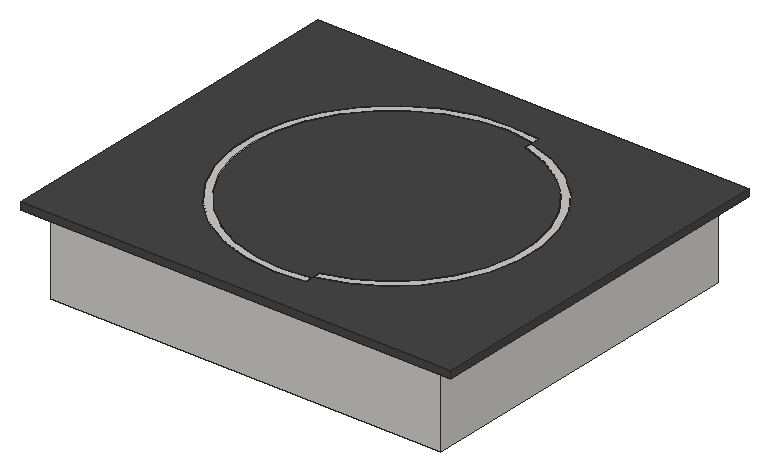
Revit family "QF_Vollrath_59501", category Specialty Equipment, Revit 2016
Family settings
  Part Type = Normal
  Round Connector Dimension = Use Diameter
  OmniClass Number = 23.40.40.14.17.14
  OmniClass Title = Hot Plates
  Work Plane-Based = No
  Always vertical = Yes
  Cut with Voids When Loaded = No
  Shared = No
  Room Calculation Point = No
Parameters (values of type "59501")
  Weight in Pounds = 12
  Watts = 1400 W
  Watermarked By = "http://revitwatermark.com"
  Volts = 120 V
  URL Cutsheet = ""
  URL = "www.vollrathco.com"
  Status [instance] = ""
  Specification by User [instance] = ""
  Specification by Manufacturer = ""
  Serial Number [instance] = ""
  Seismic Rating [instance] = ""
  Revision Code [instance] = ""
  Phase = 1
  Number of Poles [instance] = 1
  NAFEM Spec ID Number [instance] = ""
  Model = "59501"
  Masterspec = ""
  Manufacturer = "Vollrath"
  Item Number [instance] = "-"
  Installed By [instance] = ""
  Height AFF [instance] = 2' - 11"
  Furnished By [instance] = ""
  Foodservice Equipment Identifier [instance] = yes
  FL Amps = 12 A
  Electrical Remarks [instance] = ""
  Electric Connection Type [instance] = ""
  Elec Conn RI Height [instance] = 0' - 0"
  Elec Conn Connection Height [instance] = Height AFF - 0' 2"  # 2' - 9"
  Description = "Induction Range, Drop-In"
  Cycle = 60 Hz
  Conn Plug = "NEMA 5-15P"
  CSI MasterFormat = "11 42 13"
  Assembly Code = "E1090320"
  Apparent Power = if(Phase = 3, Volts * FL Amps * 1.73, Volts * FL Amps)  # 1440 VA
Reference planes (in)
  plane 1: z = 0
  plane 2 "LEFT": x = 48.3125
  plane 3 "BACK": y = -50.265
  plane 4 "TOP": z = 35
  plane 5 "FRONT": y = -62.765
  plane 6: y = -47.265
  plane 7 "Right": x = 62.8125
  plane 8 "Box Bottom": z = 32.125
  plane 9: z = 34.75
  plane 10: x = 49
  plane 11: x = 62.125
  plane 12: y = -50.7025
  plane 13: y = -62.3275
  plane 14 "Bottom Clearance": z = 31.125
Forms (in)
  Extrusion 1, solid, material "QF_Finishes_Stainless Steel"
    sketch origin (0, 0, 0) x (1, 0, 0) y (0, 1, 0)
      loop
        line (49, -50.7025) -> (49, -62.3275) -> (62.125, -62.3275) -> (62.125, -50.7025) -> (49, -50.7025)
    from 32.125 to 34.75
  Extrusion 2, solid, material "QF_Finishes_Glazed Black"
    sketch origin (0, 0, 0) x (1, 0, 0) y (0, 1, 0)
      loop
        line (48.3125, -50.265) -> (48.3125, -62.765) -> (62.8125, -62.765) -> (62.8125, -50.265) -> (48.3125, -50.265)
      loop
        arc (56.8375, -51.61896) -> (50.8416, -56.51375) -> (56.8375, -61.40854) r 4.9959
        line (56.8375, -61.40854) -> (56.8375, -61.15248)
        arc (56.8375, -61.15248) -> (51.0922, -56.51375) -> (56.8375, -51.87502) r 4.7453
        line (56.8375, -51.87502) -> (56.8375, -51.61896)
      loop
        arc (56.8375, -61.08836) -> (60.52013, -56.51375) -> (56.8375, -51.93914) r 4.68263
        line (56.8375, -51.93914) -> (56.8375, -52.19616)
        arc (56.8375, -52.19616) -> (60.26939, -56.51375) -> (56.8375, -60.83134) r 4.43189
        line (56.8375, -60.83134) -> (56.8375, -61.08836)
    from 34.75 to 35
  Extrusion 3, solid, material "QF_Finishes_Stainless Steel"
    sketch origin (0, -0.5, 0) x (1, 0, 0) y (0, 1, 0)
      loop
        line (56.8375, -60.90854) -> (56.8375, -60.65248)
        arc (56.8375, -60.65248) -> (51.0922, -56.01375) -> (56.8375, -51.37502) r 4.7453
        line (56.8375, -51.37502) -> (56.8375, -51.11896)
        arc (56.8375, -51.11896) -> (50.8416, -56.01375) -> (56.8375, -60.90854) r 4.9959
      loop
        line (56.8375, -51.43914) -> (56.8375, -51.69616)
        arc (56.8375, -51.69616) -> (60.26939, -56.01375) -> (56.8375, -60.33134) r 4.43189
        line (56.8375, -60.33134) -> (56.8375, -60.58836)
        arc (56.8375, -60.58836) -> (60.52013, -56.01375) -> (56.8375, -51.43914) r 4.68263
    from 34.75 to 35
  Extrusion 4, solid, material "QF_Finishes_Clearances", detail levels coarse
    sketch origin (0, 0, 0) x (1, 0, 0) y (0, 1, 0)
      loop
        line (48.3125, -47.265) -> (48.3125, -50.265) -> (62.8375, -50.265) -> (62.8375, -47.265) -> (48.3125, -47.265)
    from 31.125 to 34.75
  Extrusion 5, solid, material "QF_Finishes_Clearances", detail levels coarse
    sketch origin (0, 0, 31.125) x (0, -1, 0) y (1, 0, 0)
      loop
        line (50.265, 49) -> (62.3275, 49) -> (62.3275, 62.125) -> (50.265, 62.125) -> (50.265, 49)
    from 0 to 1
  Extrusion 6, solid, material "QF_Finishes_Clearances", detail levels coarse
    sketch origin (0, 0, 32.125) x (0, -1, 0) y (1, 0, 0)
      loop
        line (50.64, 48.875) -> (62.39, 48.875) -> (62.39, 62.25) -> (50.64, 62.25) -> (50.64, 48.875)
      loop
        line (62.3275, 62.1875) -> (50.7025, 62.1875) -> (50.7025, 48.9375) -> (62.3275, 48.9375) -> (62.3275, 62.1875)
    from 0 to 2.625
Lines and regions (in)
  symbolic lines
    curve 1: line (62.8125, -50.265, 0) -> (48.3125, -50.265, 0)
    curve 2: line (62.8125, -62.765, 0) -> (62.8125, -50.265, 0)
    curve 3: line (48.3125, -62.765, 0) -> (62.8125, -62.765, 0)
    curve 4: line (48.3125, -50.265, 0) -> (48.3125, -62.765, 0)
  model lines, style "QF_Cutout"
    curve 5: line (48.875, -50.64, 35) -> (48.875, -50.64, 41)
    curve 6: line (62.25, -50.64, 35) -> (62.25, -50.64, 41)
    curve 7: line (48.875, -62.39, 35) -> (48.875, -62.39, 41)
    curve 8: line (62.25, -62.39, 35) -> (62.25, -62.39, 41)
  symbolic lines, style "QF_Clearances"
    curve 9: line (48.3125, -47.265, 32.125) -> (62.8375, -47.265, 32.125)
  symbolic lines, style "SpecialityEquipment"
    curve 10: line (56.8375, -51.61896, 32.125) -> (56.8375, -51.87502, 32.125)
    curve 11: arc (56.8375, -61.15248, 32.125) -> (51.0922, -56.51375, 32.125) -> (56.8375, -51.87502, 32.125) r 4.7453
    curve 12: arc (56.8375, -51.61896, 32.125) -> (50.8416, -56.51375, 32.125) -> (56.8375, -61.40854, 32.125) r 4.9959
    curve 13: arc (56.8375, -61.08836, 32.125) -> (60.52013, -56.51375, 32.125) -> (56.8375, -51.93914, 32.125) r 4.68263
    curve 14: line (56.8375, -52.19616, 32.125) -> (56.8375, -51.93914, 32.125)
    curve 15: arc (56.8375, -52.19616, 32.125) -> (60.26939, -56.51375, 32.125) -> (56.8375, -60.83134, 32.125) r 4.43189
    curve 16: line (56.8375, -61.08836, 32.125) -> (56.8375, -60.83134, 32.125)
    curve 17: line (56.8375, -61.15248, 32.125) -> (56.8375, -61.40854, 32.125)
Dimensions and locks (in)
  locked: plane 3 "BACK" to plane 6 at 3
  locked: plane 12 to plane 3 "BACK" at 0.4375
  locked: plane 13 to plane 5 "FRONT" at 0.4375
  locked: plane 14 "Bottom Clearance" to plane 8 "Box Bottom" at 1
  locked: plane 2 "LEFT" to plane 7 "Right" at 14.5
  locked: plane 2 "LEFT" to plane 10 at 0.6875
  locked: plane 11 to plane 7 "Right" at 0.6875
  locked: plane 5 "FRONT" to plane 3 "BACK" at 12.5
  locked: plane 4 "TOP" to plane 9 at 0.25
  locked: plane 4 "TOP" to plane 8 "Box Bottom" at 2.875
  "Height AFF": plane 4 "TOP" to level
  locked: Extrusion 6 sketch curve to plane 3 "BACK" at 0.375
  locked: Extrusion 6 sketch curve to plane 5 "FRONT" at 0.375
  locked: plane 2 "LEFT" to Extrusion 6 sketch curve at 0.5625
  Extrusion 6 sketch curve to plane 7 "Right" = 0' - 0 9/16"
  locked: Extrusion 6 sketch curve to Extrusion 6 sketch curve at 0.0625  (x4)
  aligned and locked: level to plane 1
  aligned and locked: plane 8 "Box Bottom" to Extrusion 1
  aligned and locked: Extrusion 2 to plane 9
  aligned and locked: Extrusion 3 to plane 9
  aligned: Extrusion 2 to plane 12
  aligned and locked: plane 4 "TOP" to Extrusion 2
  aligned and locked: plane 4 "TOP" to Extrusion 3
  aligned: plane 4 "TOP" to Extrusion 4
  aligned: plane 8 "Box Bottom" to Extrusion 4
  aligned and locked: plane 14 "Bottom Clearance" to Extrusion 4
  aligned and locked: plane 3 "BACK" to Extrusion 2 sketch curve
  aligned and locked: plane 2 "LEFT" to Extrusion 2 sketch curve
  aligned and locked: plane 5 "FRONT" to Extrusion 2 sketch curve
  aligned and locked: plane 7 "Right" to Extrusion 2 sketch curve
  aligned and locked: plane 9 to Extrusion 6
  aligned and locked: curve 9 to plane 6
  aligned and locked: plane 9 to Extrusion 4
  aligned and locked: Extrusion 5 to plane 8 "Box Bottom"
  aligned and locked: plane 9 to Extrusion 1
Automatic sketch dimensions
  curve 1 to plane 2 "LEFT" = 0' - 0"
  curve 3 to plane 5 "FRONT" = 0' - 0"
  curve 3 to plane 7 "Right" = 0' - 0"
  plane 3 "BACK" to curve 1 = 0' - 0"
  Extrusion 1 sketch curve to plane 10 = 0' - 0"
  Extrusion 1 sketch curve to plane 11 = 0' - 0"
  Extrusion 1 sketch curve to plane 13 = 0' - 0"
  plane 12 to Extrusion 1 sketch curve = 0' - 0"
  Extrusion 4 sketch curve to plane 2 "LEFT" = 0' - 0"
  plane 3 "BACK" to Extrusion 4 sketch curve = 0' - 0"
  Extrusion 4 sketch curve to plane 6 = 0' - 0"
  Extrusion 4 sketch curve to plane 7 "Right" = 0' - 0.025"
  plane 3 "BACK" to Extrusion 5 sketch curve = 0' - 0"
  Extrusion 5 sketch curve to plane 10 = 0' - 0"
  Extrusion 5 sketch curve to plane 13 = 0' - 0"
  Extrusion 5 sketch curve to plane 11 = 0' - 0"
  plane 11 to Extrusion 2 sketch curve = 0' - 5.2875"
  plane 13 to Extrusion 2 sketch curve = 0' - 1.17502"
  Extrusion 2 sketch curve to Extrusion 2 sketch curve = 0' - 0"  (x8)
  Extrusion 2 sketch curve to Extrusion 2 sketch curve = 0' - 0.25606"
  Extrusion 2 sketch curve to Extrusion 2 sketch curve = 0' - 0.06413"
  Extrusion 2 sketch curve to Extrusion 2 sketch curve = 0' - 0.25701"
  plane 12 to Extrusion 2 sketch curve = 0' - 0.91646"
  Extrusion 2 sketch curve to Extrusion 2 sketch curve = 0' - 1"  (x2)
  Extrusion 3 sketch curve to Extrusion 3 sketch curve = 0' - 0"  (x8)
  plane 10 to Extrusion 3 sketch curve = 0' - 6.8375"
  plane 12 to Extrusion 3 sketch curve = 0' - 0.91646"
  Extrusion 3 sketch curve to Extrusion 3 sketch curve = 0' - 1"  (x2)
  plane 13 to Extrusion 3 sketch curve = 0' - 1.17502"
  Extrusion 3 sketch curve to Extrusion 3 sketch curve = 0' - 0.25606"
  Extrusion 3 sketch curve to Extrusion 3 sketch curve = 0' - 0.06413"
  Extrusion 3 sketch curve to Extrusion 3 sketch curve = 0' - 0.25701"
  Extrusion 6 to curve 5 = 0' - 0"
  Extrusion 6 to curve 6 = 0' - 0"
  curve 5 to Extrusion 6 = 0' - 6 1/4"
  curve 6 to Extrusion 6 = 0' - 6 1/4"
  curve 6 to Extrusion 6 = 0' - 0 1/4"
  curve 5 to Extrusion 6 = 0' - 0 1/4"
  curve 8 to Extrusion 6 = 0' - 0"
  curve 7 to Extrusion 6 = 0' - 0"
  curve 7 to Extrusion 6 = 0' - 6 1/4"
  curve 8 to Extrusion 6 = 0' - 6 1/4"
  curve 8 to Extrusion 6 = 0' - 0 1/4"
  curve 7 to Extrusion 6 = 0' - 0 1/4"
  curve 9 to plane 2 "LEFT" = 0' - 0"
  plane 7 "Right" to curve 9 = 0' - 0.025"
  curve 10 to plane 12 = 0' - 0.91646"
  curve 10 to curve 11 = 0' - 0.25606"
  curve 11 to plane 13 = 0' - 1.17502"
  curve 10 to plane 11 = 0' - 5.2875"
  curve 10 to curve 11 = 0' - 1"
  curve 11 to curve 12 = 0' - 0"  (x2)
  curve 11 to curve 12 = 0' - 0.25606"
  curve 11 to curve 13 = 0' - 0"  (x2)
  curve 10 to curve 13 = 0' - 0.06413"
  curve 13 to curve 11 = 0' - 0.06413"
  curve 14 to curve 10 = 0' - 0"
  curve 11 to curve 15 = 0' - 0"  (x2)
  curve 15 to curve 13 = 0' - 0.25701"
